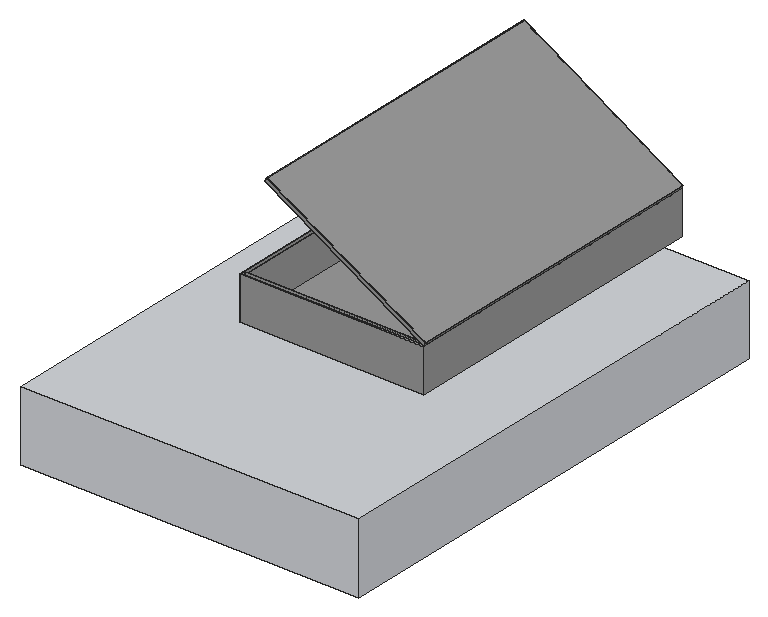
Revit family "Hager-Univers-IP54-D205-H1400-Cl.II-Encl-DE-de", category Equipement électrique, Revit 2020
Family settings
  Hôte = Face
  Configuration du panneau = Deux colonnes, circuits au sein
  Cote de connecteur circulaire = Utiliser le diamètre
  Type d'élément = Tableau de raccordement
  Couper avec des vides une fois chargée = Non
  Partagée = Non
  Point de calcul de pièce = Non
Parameters (values of type "Aufputz IP54 B800 H1400 T205  - FP93SW2")
  Width Control [instance] = if([EF000008 - Breite] > Min Width, [EF000008 - Breite], Min Width)  # 800 mm
  Commentaires du type = [HG000003 - Bereich]  # "Univers"
  Thickness Door [instance] = if([EF009171 - Materialstärke Tür/Deckel] > 3 mm, 3 mm, [EF009171 - Materialstärke Tür/Deckel])  # 1 mm
  Seal Frame Offset [instance] = 17 mm  # constant formula
  Plinth Visibility [instance] = [HG000027 - Sockelhöhe] > 0 mm  # no
  Model = ""
  Min Width [instance] = 100 mm  # constant formula
  Min Height [instance] = 100 mm  # constant formula
  Min Depth [instance] = (2 * [EF009170 - Materialstärke Gehäuse]) + 1 mm  # 3 mm
  Internal Frame Depth [instance] = (Door System Depth * 0.5)  # 9 mm
  Height Control [instance] = if([EF000040 - Höhe] > Min Height, [EF000040 - Höhe], Min Height)  # 1400 mm
  HG000027 - Sockelhöhe = 0 mm
  HG000026 - Stehend auf dem Boden = no
  HG000024 - Höhe des unteren Teils = 800 mm
  HG000023 - Gehäuse mit doppeltem Querschnitt = no
  HG000016 - 3D-Türsichtbarkeit [instance] = yes
  HG000015 - Sichtbarkeit der Türöffnung [instance] = no
  HG000014 - Tür rechts [instance] = yes
  HG000013 - Tür links [instance] = not([HG000014 - Tür rechts])  # no
  HG000012 - Türschwenkwinkel [instance] = 30.00°
  HG000010 - Asymmetrische Türen = no
  HG000009 - Doppelflügeligen Tür = no
  HG000006 - Unterputz = no
  HG000004 - Herstellerreferenz = "FP93SW2"
  HG000003 - Bereich = "Univers"
  HG000002 - Mit tür = yes
  Frame Offset Bottom [instance] = 10 mm  # constant formula
  Frame Offset [instance] = 15 mm  # constant formula
  EF015940 - Deckel mit Überdruckentlastung = no
  EF011959 - Schutzart (NEMA) = ""
  EF009554 - Anzahl der Öffnungen für Flanschplatten = 6
  Fabricant = "Hager"  # constant formula
  EF009212 - Ausführung Deckel = "EV000116 - geschlossen"
  EF009171 - Materialstärke Tür/Deckel = 1 mm
  EF009170 - Materialstärke Gehäuse = 1 mm
  EF008873 - Nennstrom (In) = 250 A
  EF007800 - Geeignet für Blitzschutz = no
  EF006306 - Mit Schloss = no
  EF006244 - Transparenter Deckel/Tür = no
  EF005474 - Schutzart (IP) = "EV006419 - IP54"
  EF004464 - Art der Tür = "EV002646 - Einzel"
  EF004427 - Anzahl der Module = 324
  EF004293 - Schlagfestigkeit = "EV006815 - IK09"
  EF003532 - Geeignet für Außengebrauch = no
  EF002950 - Breite in Teilungseinheiten = 36
  EF001613 - Funktionserhalt = "EV000494 - ohne"
  EF001596 - Werkstoff des Gehäuses = "EV000179 - Stahl"
  EF001131 - Innentiefe = 130 mm
  EF001088 - Anbaumöglichkeit = yes
  EF000437 - Anzahl der Leitungseinführungen = 6
  EF000339 - Art der Abdeckung = "EV004216 - Tür"
  EF000266 - Anzahl der Reihen = 9
  EF000218 - Einbautiefe = 205 mm
  EF000118 - Mit Montageplatte = no
  EF000116 - RAL-Nummer = "9010"
  EF000049 - Tiefe = 205 mm
  EF000040 - Höhe = 1400 mm
  EF000008 - Breite = 800 mm
  EF000007 - Farbe = "EV000202 - weiß"
  EF000003 - Montageart = "EV000384 - Aufputz"
  Door System Leaf Tolerance [instance] = 1.5 mm  # constant formula
  Door System Depth [instance] = 18 mm  # constant formula
  Door Height [instance] = Height Control - [HG000027 - Sockelhöhe]  # 1400 mm
  Depth Control [instance] = if([EF000049 - Tiefe] > Min Depth, [EF000049 - Tiefe], Min Depth)  # 205 mm
  Default Elevation = 0 mm
  Connector Offset [instance] = Height Control / 2  # 700 mm
  Bottom Top Plate Trim [instance] = 1.5 mm  # constant formula
  Plinth height Ctrl [instance] = if([HG000027 - Sockelhöhe] > 0 mm, [HG000027 - Sockelhöhe], 12 mm)  # 12 mm
Types (5, lengths in mm): name | Width Control | HG000010 - Asymmetrische Türen | HG000009 - Doppelflügeligen Tür | HG000004 - Herstellerreferenz | EF009554 - Anzahl der Öffnungen für Flanschplatten | EF004464 - Art der Tür | EF004427 - Anzahl der Module | EF002950 - Breite in Teilungseinheiten | EF000437 - Anzahl der Leitungseinführungen | EF000008 - Breite
  Aufputz IP54 B1050 H1400 T205  - FP94SW2 | 1050 | no | yes | "FP94SW2" | 8 | "EV003602 - Doppel" | 432 | 48 | 8 | 1050
  Aufputz IP54 B1300 H1400 T205  - FP95SW2 | 1300 | yes | yes | "FP95SW2" | 10 | "EV003602 - Doppel" | 540 | 60 | 10 | 1300
  Aufputz IP54 B300 H1400 T205  - FP91SW2 | 300 | no | no | "FP91SW2" | 2 | "EV002646 - Einzel" | 108 | 12 | 2 | 300
  Aufputz IP54 B550 H1400 T205  - FP92SW2 | 550 | no | no | "FP92SW2" | 4 | "EV002646 - Einzel" | 216 | 24 | 4 | 550
  Aufputz IP54 B800 H1400 T205  - FP93SW2 | 800 | no | no | "FP93SW2" | 6 | "EV002646 - Einzel" | 324 | 36 | 6 | 800
Reference planes
  plane 1 "Center (Front/Back)": y = 0
  plane 2: z = 0
  plane 3 "Center (Left/Right)": x = 0
  plane 4: z = 205
  plane 5: y = 1
  plane 6: y = 700
  plane 7: y = 0
  plane 8: y = 1400
  plane 9: z = 0
  plane 10: x = -385
  plane 11: x = 385
  plane 12: x = 384
  plane 13: x = -384
  plane 14: y = 1399
  plane 15: x = -383
  plane 16: x = -400
  plane 17: x = 383
  plane 18: x = 400
  plane 19: x = 399
  plane 20: x = -399
  plane 21: y = 11
  plane 22: y = 1400
  plane 23: y = 1384
  plane 24: z = 187
  plane 25: z = 1
  plane 26: z = 186
  plane 27: z = 204
Forms (mm)
  Extrusion 1, solid
    sketch origin (0, 0, 0) x (1, 0, 0) y (0, 1, 0)
      loop
        line (-702.964, 1305) -> (-702.964, -811.445) -> (766.763, -811.445) -> (766.763, 1305) -> (-702.964, 1305)
    from 0 to -304.8
  Extrusion 2, solid, material "Hager_Steel_RAL7035_Light_Grey", visible <- "Plinth Visibility", detail levels medium+fine
    sketch origin (0, 0, 0) x (1, 0, 0) y (0, 1, 0)
      loop
        line (-400, 0) -> (400, 0) -> (400, 12) -> (-400, 12) -> (-400, 0)
    from 0 to 187
  Extrusion 3, solid, material "Hager_Steel_RAL7035_Light_Grey", detail levels medium+fine
    sketch origin (0, 0, 0) x (1, 0, 0) y (0, 1, 0)
      loop
        line (-400, 0) -> (400, 0) -> (400, 1400) -> (-400, 1400) -> (-400, 0)
    from 0 to 187
  Extrusion 4, void
    sketch origin (0, 0, 0) x (1, 0, 0) y (0, 1, 0)
      loop
        line (-399, 1) -> (399, 1) -> (399, 1399) -> (-399, 1399) -> (-399, 1)
    from 1 to 186
  Extrusion 5, void
    sketch origin (-381.607, -4572, 187) x (0, -1, 0) y (-1, 0, 0)
      loop
        line (-4583, 2.393) -> (-5956, 2.393) -> (-5956, -765.607) -> (-4583, -765.607) -> (-4583, 2.393)
    from 0 to 1 <- "EF009170 - Materialstärke Gehäuse"
  Extrusion 6, solid, material "Hager_Steel_RAL7035_Light_Grey", detail levels fine
    sketch origin (0, 0, 187) x (1, 0, 0) y (0, 1, 0)
      loop
        line (-384, 1384) -> (-384, 11) -> (384, 11) -> (384, 1384) -> (-384, 1384)
      loop
        line (-385, 10) -> (385, 10) -> (385, 1385) -> (-385, 1385) -> (-385, 10)
    from 0 to 9 <- "Internal Frame Depth"
  Extrusion 7, solid, material "Hager_Steel_RAL7035_Light_Grey", detail levels coarse
    sketch origin (0, 0, 0) x (1, 0, 0) y (0, 1, 0)
      loop
        line (-400, 0) -> (400, 0) -> (400, 1400) -> (-400, 1400) -> (-400, 0)
    from 0 to 205
  Sweep 8, void
    path in 3D
      loop
        line (-400, 12, 0) -> (400, 12, 0) -> (400, 12, 187) -> (-400, 12, 187) -> (-400, 12, 0)
    profile origin (-400, 12, 93.5) x (-1, 0, 0) y (0, -1, 0)
      loop
        line (0, 0) -> (0, 1.5) -> (-1.5, 1.5)
        arc (-1.5, 1.5) -> (-1.061, 0.439) -> (0, 0) r 1.5
Cuts and joins
  Extrusion 4, Extrusion 5 cuts Extrusion 3
  Sweep 8 cuts Extrusion 2
Lines and regions (mm)
  Masking region 1
    outline origin (0, 0, 0) x (1, 0, 0) y (0, 0, 1)
      loop
        line (-400, 205) -> (-400, 0) -> (400, 0) -> (400, 205) -> (-400, 205)
  Masking region 2, detail levels medium+fine
    outline origin (0, 140, 0) x (0, 1, 0) y (0, 0, 1)
      loop
        line (-140, 0) -> (1260, 0) -> (1260, 187) -> (-140, 187) -> (-140, 0)
  Masking region 3, not visible, detail levels medium+fine
    outline origin (0, 297.922, 0) x (0, 1, 0) y (0, 0, 1)
      loop
        line (413.578, 0) -> (453.578, 0) -> (453.578, 194)
        arc (453.578, 194) -> (450.649, 201.071) -> (443.578, 204) r 10
        line (443.578, 204) -> (413.578, 204) -> (413.578, 0)
  Masking region 4, detail levels coarse
    outline origin (0, 0, 180) x (0, 1, 0) y (0, 0, 1)
      loop
        line (0, -180) -> (1400, -180) -> (1400, 25) -> (0, 25) -> (0, -180)
  Masking region 5, visible <- "Plinth Visibility", detail levels medium+fine
    outline origin (0, 52.24, 12.345) x (0, 0, -1) y (0, 1, 0)
      loop
        line (10.845, -40.24) -> (-173.155, -40.24)
        arc (-173.155, -40.24) -> (-173.594, -41.301) -> (-174.655, -41.74) r 1.5
        line (-174.655, -41.74) -> (-174.655, -52.24) -> (12.345, -52.24) -> (12.345, -41.74)
        arc (12.345, -41.74) -> (11.285, -41.301) -> (10.845, -40.24) r 1.5
  Masking region 6, detail levels medium+fine
    outline origin (-381.607, -4572, 187) x (-1, 0, 0) y (0, -1, 0)
      loop
        line (18.393, -5972) -> (18.393, -4572) -> (-781.607, -4572) -> (-781.607, -5972) -> (18.393, -5972)
  Masking region 7, visible <- "Plinth Visibility", detail levels medium+fine
    outline origin (-381.607, -4727, 187) x (-1, 0, 0) y (0, -1, 0)
      loop
        arc (16.893, -4739) -> (17.332, -4737.939) -> (18.393, -4737.5) r 1.5
        line (18.393, -4737.5) -> (18.393, -4727) -> (-781.607, -4727) -> (-781.607, -4737.5)
        arc (-781.607, -4737.5) -> (-780.546, -4737.939) -> (-780.107, -4739) r 1.5
        line (-780.107, -4739) -> (16.893, -4739)
  Masking region 8, detail levels coarse
    outline origin (-442.548, -4669.526, 187) x (-1, 0, 0) y (0, -1, 0)
      loop
        line (-42.548, -6069.526) -> (-42.548, -4669.526) -> (-842.548, -4669.526) -> (-842.548, -6069.526) -> (-42.548, -6069.526)
  sketch lines
    curve 1: line (-400, 12, 187) -> (-400, 12, 0)
    curve 2: line (400, 12, 187) -> (-400, 12, 187)
    curve 3: line (400, 12, 187) -> (400, 12, 0)
    curve 4: line (-400, 12, 0) -> (400, 12, 0)
Dimensions and locks
  "Depth Control": plane 4 to Extrusion 1
  "HG000027 - Sockelhöhe": plane 1 "Center (Front/Back)" to plane 7
  "EF009170 - Materialstärke Gehäuse": plane 5 to plane 7
  locked: connector elem to plane 3 "Center (Left/Right)"
  equal spacing: plane 8, plane 6, plane 7
  locked: connector elem to plane 6
  "EF009170 - Materialstärke Gehäuse": plane 8 to plane 14
  "EF009170 - Materialstärke Gehäuse": plane 10 to plane 13
  "EF009170 - Materialstärke Gehäuse": plane 12 to plane 11
  "Frame Offset": plane 20 to plane 13
  "Frame Offset": plane 12 to plane 19
  "EF009170 - Materialstärke Gehäuse": plane 16 to plane 20
  "EF009170 - Materialstärke Gehäuse": plane 19 to plane 18
  "Seal Frame Offset": plane 16 to plane 15
  "Seal Frame Offset": plane 17 to plane 18
  "Frame Offset Bottom": plane 21 to plane 5
  "Frame Offset": plane 14 to plane 23
  equal spacing: plane 16, plane 3 "Center (Left/Right)", plane 18
  "Width Control": plane 16 to plane 18
  "EF009170 - Materialstärke Gehäuse": plane 4 to plane 27
  "EF009170 - Materialstärke Gehäuse": plane 24 to plane 26
  "EF009170 - Materialstärke Gehäuse": plane 25 to level
  "Door System Depth": plane 4 to plane 24
  "Height Control": plane 1 "Center (Front/Back)" to Extrusion 7 sketch curve
  "Height Control": Masking region 4 sketch curve to plane 1 "Center (Front/Back)"
  "Height Control": plane 1 "Center (Front/Back)" to plane 22
  "Bottom Top Plate Trim": profile plane to Sweep 8 sketch curve
  "Bottom Top Plate Trim": Sweep 8 sketch curve to profile plane
  "Plinth height Ctrl": plane 1 "Center (Front/Back)" to Extrusion 2 sketch curve
  "Plinth height Ctrl": Masking region 5 sketch curve to plane 1 "Center (Front/Back)"
  "Plinth height Ctrl": plane 1 "Center (Front/Back)" to Masking region 7 sketch curve
  "Thickness Door": Extrusion 6 sketch curve to Extrusion 6 sketch curve  (x3)
  "Thickness Door": cut or joined group of Extrusion 3, Extrusion 4, Extrusion 5 to Extrusion 6 sketch curve
  radius of Masking region 3 sketch curve = 10 mm
  "Bottom Top Plate Trim": radius of Masking region 5 sketch curve  (x2)
  "Bottom Top Plate Trim": radius of Sweep 8 sketch curve
  "Bottom Top Plate Trim": radius of Masking region 7 sketch curve  (x2)
  aligned and locked: plane 2 to Extrusion 1
  aligned and locked: level to Extrusion 1
  aligned and locked: level to Masking region 1 sketch curve
  aligned and locked: Masking region 1 sketch curve to plane 18
  aligned and locked: Masking region 1 sketch curve to plane 16
  aligned and locked: plane 7 to Masking region 2 sketch curve
  aligned and locked: level to Masking region 3 sketch curve
  aligned and locked: Masking region 3 sketch curve to plane 27
  aligned and locked: level to Masking region 2 sketch curve
  aligned and locked: plane 1 "Center (Front/Back)" to Extrusion 2 sketch curve
  aligned and locked: Extrusion 3 sketch curve to plane 7
  aligned and locked: plane 16 to Extrusion 3 sketch curve
  aligned and locked: plane 18 to Extrusion 3 sketch curve
  aligned and locked: plane 20 to Extrusion 4 sketch curve
  aligned and locked: plane 19 to Extrusion 4 sketch curve
  aligned and locked: Extrusion 4 sketch curve to plane 5
  aligned and locked: Extrusion 4 to plane 25
  aligned and locked: plane 26 to Extrusion 4
  aligned and locked: plane 24 to Extrusion 3
  aligned and locked: Extrusion 5 sketch curve to plane 21
  aligned and locked: Extrusion 5 sketch curve to plane 13
  aligned and locked: Extrusion 5 sketch curve to plane 12
  aligned and locked: plane 18 to Extrusion 7 sketch curve
  aligned and locked: plane 1 "Center (Front/Back)" to Extrusion 7 sketch curve
  aligned and locked: plane 16 to Extrusion 7 sketch curve
  aligned and locked: plane 4 to Extrusion 7
  aligned and locked: Extrusion 7 to level
  aligned and locked: level to Masking region 4 sketch curve
  aligned and locked: Masking region 4 sketch curve to plane 1 "Center (Front/Back)"
  aligned and locked: Masking region 4 sketch curve to plane 4
  aligned and locked: nested 1 to level
  aligned and locked: nested 1 to plane 16
  aligned and locked: plane 8 to Extrusion 3 sketch curve
  aligned and locked: plane 23 to Extrusion 5 sketch curve
  aligned and locked: plane 14 to Extrusion 4 sketch curve
  aligned and locked: Masking region 2 sketch curve to plane 8
  aligned and locked: level to Masking region 5 sketch curve
  aligned and locked: plane 16 to Extrusion 2 sketch curve
  aligned and locked: plane 18 to Extrusion 2 sketch curve
  aligned and locked: Masking region 5 sketch curve to plane 24
  aligned and locked: Masking region 2 sketch curve to plane 24
  aligned and locked: plane 24 to Extrusion 2
  aligned and locked: profile plane to Sweep 8 sketch curve  (x2)
  aligned and locked: Masking region 6 sketch curve to plane 18
  aligned and locked: Masking region 6 sketch curve to plane 22
  aligned and locked: Masking region 6 sketch curve to plane 16
  aligned and locked: plane 8 to plane 22
  aligned and locked: Masking region 6 sketch curve to plane 7
  aligned and locked: Masking region 7 sketch curve to plane 16
  aligned and locked: Masking region 7 sketch curve to plane 1 "Center (Front/Back)"
  aligned and locked: Masking region 7 sketch curve to plane 18
  aligned and locked: Masking region 8 sketch curve to plane 1 "Center (Front/Back)"
  aligned and locked: Masking region 8 sketch curve to plane 18
  aligned and locked: Masking region 8 sketch curve to plane 22
  aligned and locked: Masking region 8 sketch curve to plane 16
  aligned and locked: nested 2 to plane 7
  aligned and locked: plane 3 "Center (Left/Right)" to nested 2
  aligned and locked: nested 2 to plane 24
  aligned and locked: Extrusion 6 sketch curve to cut or joined group of Extrusion 3, Extrusion 4, Extrusion 5  (x4)
Automatic sketch dimensions
  Extrusion 1 sketch curve to Extrusion 1 sketch curve = 1469.727 mm
  Extrusion 1 sketch curve to Extrusion 1 sketch curve = 2116.445 mm
  Masking region 1 sketch curve to plane 4 = 0 mm
  plane 6 to Masking region 3 sketch curve = 11.5 mm
  Masking region 3 sketch curve to Masking region 3 sketch curve = 30 mm
  Masking region 5 sketch curve to plane 1 "Center (Front/Back)" = 0 mm
Nested families
  nested 1: "Hager_Enclosure_Symbol" at (-400, 0, 0) x (1, 0, 0) z (0, -1, 0), Height <- "Depth Control", Width <- "Width Control", type "Hager_Enclosure_Symbol"
    with Width_Ctrl 800 mm, Width 800 mm, Height_Ctrl 205 mm, Height 205 mm, A_Width_Int 13.453 mm, A_Width 161.438 mm, A_Height_Ctrl 179.375 mm, A_Height 179.375 mm
  nested 2: "EC000058_Univers_Door" at (0, 0, 187) x (1, 0, 0) z (0, 1, 0), Leaf_Tolerance <- "Door System Leaf Tolerance", Angle <- "HG000012 - Türschwenkwinkel", Door_Depth <- "Door System Depth", Door_Left <- "HG000013 - Tür links", Transparent <- "EF006244 - Transparenter Deckel/Tür", Assymetrical <- "HG000010 - Asymmetrische Türen", Width <- "Width Control", Clearance <- "HG000015 - Sichtbarkeit der Türöffnung", Double <- "HG000009 - Doppelflügeligen Tür", 3d_Door <- "HG000016 - 3D-Türsichtbarkeit", Lock_Visibility <- "EF006306 - Mit Schloss", Width_Ctrl <- "Width Control", Door_Right <- "HG000014 - Tür rechts", Door <- "HG000002 - Mit tür", Height <- "Door Height", Thickness <- "Thickness Door", type "EC000058_Univers_Door", detail levels medium+fine
    with min_wh 3 mm, Width_Ctrl 800 mm, Width 800 mm, Transparent no, Thickness 1 mm, Seal_Material Hager_Rubber, Lock_Visibility no, Lock_Material Hager_Plastic_RAL9005_Jet_Black, Leaf_Width 800 mm, Leaf_Tolerance_External_Sides 0 mm, Leaf_Tolerance 1.5 mm, Leaf_Offset 0 mm, Leaf_Height 1397 mm, Leaf_2_Width 800 mm, Leaf_2_Offset 400 mm, Leaf_1_Width 800 mm, Leaf_1_Offset 400 mm, Height_Ctrl 1400 mm, Height 1400 mm, Glass_Material Hager_Glass, Double_Clearance_Ctrl no, Double no, Door_Right_Ctrl yes, Door_Right yes, Door_Material Hager_Steel_RAL7035_Light_Grey, Door_Left_Ctrl no, Door_Left no, Door_Depth 18 mm, Door yes, Clearance_Material Hager_Clearance, Clearance_Depth 800 mm, Clearance_Ctrl no, Clearance no, Assymetrical no, Angle 30.00°, 3d_Door yes
Connectors
  electrical at (0, 700, 0)
    settings: on plane 9, index 1, voltage 0 V, apparent load 0 VA, apparent load phase1 0 VA, apparent load phase2 0 VA, apparent load phase3 0 VA, power factor 1, load classification "Other", number of poles 1, system type 30, power factor state 1, is connector primary yes, connector utility no, sub classification motor no, connector description ""
Definition of nested family "EC000058_Univers_Door"
  Parameters (values of type "EC000058_Univers_Door")
    min_wh [instance] = (2 * Thickness) + 1 mm  # 11 mm
    Width_Ctrl [instance] = 400 mm
    Width [instance] = 500 mm
    Transparent [instance] = yes
    Thickness [instance] = 5 mm
    Seal_Material [instance] = none
    Lock_Visibility [instance] = yes
    Lock_Material [instance] = none
    Leaf_Width [instance] = if((Width_Ctrl - 2 * Leaf_Tolerance_External_Sides) > 0 mm, (Width_Ctrl - 2 * Leaf_Tolerance_External_Sides), min_wh)  # 400 mm
    Leaf_Tolerance_External_Sides [instance] = 0 mm  # constant formula
    Leaf_Tolerance [instance] = 1.5 mm
    Leaf_Offset [instance] = 0 mm  # constant formula
    Leaf_Height [instance] = if((Height_Ctrl - 2 * Leaf_Tolerance) > 0 mm, (Height_Ctrl - 2 * Leaf_Tolerance), min_wh)  # 497 mm
    Leaf_2_Width [instance] = if(and(and(Double, Assymetrical), Door_Left), (Leaf_Width / 3) - (Leaf_Tolerance / 2), if(and(and(Double, Assymetrical), Door_Right), (Leaf_Width / 3) * 2 - (Leaf_Tolerance / 2), if(and(Double, not(Assymetrical)), (Leaf_Width / 2) - Leaf_Tolerance, Leaf_Width)))  # 400 mm
    Leaf_2_Offset [instance] = if(and(Double, Assymetrical), Leaf_2_Width / 2, if(and(Double, not(Assymetrical)), Leaf_Width / 4, Leaf_Width / 2))  # 200 mm
    Leaf_1_Width [instance] = if(and(and(Double, Assymetrical), Door_Right), (Leaf_Width / 3) - (Leaf_Tolerance / 2), if(and(and(Double, Assymetrical), Door_Left), (Width / 3) * 2 - (Leaf_Tolerance / 2), if(and(Double, not(Assymetrical)), (Leaf_Width / 2) - Leaf_Tolerance, Leaf_Width)))  # 400 mm
    Leaf_1_Offset [instance] = if(and(Double, Assymetrical), Leaf_1_Width / 2, if(and(Double, not(Assymetrical)), Leaf_Width / 4, Leaf_Width / 2))  # 200 mm
    Height_Ctrl [instance] = if(Height > min_wh, Height, min_wh)  # 500 mm
    Height [instance] = 500 mm
    Glass_Material [instance] = none
    Double_Clearance_Ctrl [instance] = and(Double, Clearance)  # no
    Double [instance] = no
    Door_Right_Ctrl [instance] = and(or(Door_Right, Double), Door)  # yes
    Door_Right [instance] = yes
    Door_Material [instance] = none
    Door_Left_Ctrl [instance] = and(or(Door_Left, Double), Door)  # no
    Door_Left [instance] = no
    Door_Depth [instance] = 30 mm
    Door [instance] = yes
    Default Elevation = 1219.2 mm
    Clearance_Material [instance] = none
    Clearance_Depth [instance] = if(Leaf_1_Width > Leaf_2_Width, Leaf_1_Width, Leaf_2_Width)  # 400 mm
    Clearance_Ctrl [instance] = and(not(Double), Clearance)  # yes
    Clearance [instance] = yes
    Assymetrical [instance] = yes
    Angle [instance] = 30.00°
    3d_Door [instance] = yes
  Reference planes
    plane 1 "Center (Front/Back)": y = 0
    plane 2 "Bottom": z = 0
    plane 3 "Center (Left/Right)": x = 0
    plane 4: z = 500
    plane 5: x = -200
    plane 6: x = 200
    plane 7: z = 500
    plane 8: x = -200
    plane 9: z = 0
    plane 10: x = 200
    plane 11: y = 0
    plane 12: z = 1.5
    plane 13: x = -600
    plane 14: y = -400
    plane 15: x = 600
    plane 16: x = 0
    plane 17: x = 0
    plane 18: x = -200
    plane 19: x = 200
    plane 20: z = 498.5
  Forms (mm)
    Extrusion 1, solid, material <- "Clearance_Material", visible <- "Double_Clearance_Ctrl"
      sketch origin (1200, 0, 0) x (1, 0, 0) y (0, 0, -1)
        loop
          line (-1800, -498.5) -> (-600, -498.5) -> (-600, 0) -> (-1800, 0) -> (-1800, -498.5)
      from 0 to -400
  Dimensions and locks
    equal spacing: plane 5, plane 3 "Center (Left/Right)", plane 6
    "Width_Ctrl": plane 5 to plane 6
    "Leaf_Offset": plane 5 to plane 8
    "Leaf_Offset": plane 6 to plane 10
    "Leaf_Offset": plane 9 to level
    "Leaf_Offset": plane 4 to plane 7
    "Height_Ctrl": plane 4 to level
    "Leaf_Tolerance": plane 12 to plane 9
    locked: plane 11 to plane 1 "Center (Front/Back)"
    "Leaf_1_Offset": plane 18 to plane 16
    "Leaf_2_Offset": plane 17 to plane 19
    "Leaf_1_Width": plane 13 to plane 8
    "Leaf_2_Width": plane 10 to plane 15
    "Clearance_Depth": plane 14 to plane 1 "Center (Front/Back)"
    "Leaf_Tolerance_External_Sides": plane 8 to plane 18
    "Leaf_Tolerance_External_Sides": plane 19 to plane 10
    "Leaf_Tolerance": plane 7 to plane 20
    aligned and locked: level to plane 2 "Bottom"
    aligned and locked: nested 1 to plane 16
    aligned and locked: nested 2 to plane 17
    aligned and locked: Extrusion 1 to plane 13
    aligned and locked: plane 15 to Extrusion 1
    aligned and locked: Extrusion 1 to plane 14
    aligned and locked: plane 12 to nested 1
    aligned and locked: nested 2 to plane 12
    aligned and locked: Extrusion 1 to plane 11
    aligned and locked: plane 20 to Extrusion 1
    aligned and locked: nested 2 to plane 11
    aligned and locked: nested 1 to plane 11
  Automatic sketch dimensions
    Extrusion 1 sketch curve to level = 0 mm
    plane 5 to Extrusion 1 sketch curve = 400 mm
    plane 6 to Extrusion 1 sketch curve = 400 mm
    Extrusion 1 sketch curve to plane 4 = 1.5 mm
  Nested families
    nested 1: "EC000058_Univers_Door_Leaf" at (0, 0, 1.5), Width <- "Leaf_1_Width", visible <- "Door_Left_Ctrl", Leaf_Height <- "Leaf_Height", Angle <- "Angle", 3d_Door <- "3d_Door", Transparent <- "Transparent", Clearance Material <- "Clearance_Material", Clearance <- "Clearance_Ctrl", Door_Material <- "Door_Material", Glass_Material <- "Glass_Material", Door_Depth <- "Door_Depth", Lock_Material <- "Lock_Material", Seal_Material <- "Seal_Material", Lock_Visibility <- "Lock_Visibility", Thickness <- "Thickness", type "EC000058_Univers_Door_Leaf"
      with Width 400 mm, Transparent_Glass_Offset 30 mm, Transparent_Ctrl yes, Transparent yes, Thickness 5 mm, Standard no, Seal_Material none, Seal_D2 8 mm, Seal_D1 1 mm, Offset_Internal_Frame 10 mm, Lock_Width 20 mm, Lock_Visibility_3d yes, Lock_Visibility yes, Lock_Thickness_3 3 mm, Lock_Thickness_2 1 mm, Lock_Thickness_1 3 mm, Lock_Radius_Offset_2 16 mm, Lock_Radius_Offset_1 15 mm, Lock_Radius_2 5 mm, Lock_Radius 6 mm, Lock_Offset 5 mm, Lock_Material none, Lock_Height 80 mm, Lock_Cover_Top_Offset_2d 17 mm, Lock_Cover_Height -65 mm, Leaf_Height 497 mm, Internal_Seal_Thickness 8 mm, Internal_Seal_Depth_2 4.5 mm, Internal_Frame_Depth 25 mm, Glass_Thickness -1 mm, Glass_Offset -2 mm, Glass_Material none, Door_Material none, Door_Depth 30 mm, Clearance Material none, Clearance yes, Angle_Ctrl 30.00°, Angle 30.00°, 3d_Door yes
    nested 2: "EC000058_Univers_Door_Leaf" at (0, 0, 1.5) x (-1, 0, 0) z (0, 0, 1), Width <- "Leaf_2_Width", visible <- "Door_Right_Ctrl", Leaf_Height <- "Leaf_Height", Angle <- "Angle", 3d_Door <- "3d_Door", Transparent <- "Transparent", Clearance Material <- "Clearance_Material", Clearance <- "Clearance_Ctrl", Door_Material <- "Door_Material", Glass_Material <- "Glass_Material", Door_Depth <- "Door_Depth", Lock_Material <- "Lock_Material", Seal_Material <- "Seal_Material", Lock_Visibility <- "Lock_Visibility", Thickness <- "Thickness", type "EC000058_Univers_Door_Leaf"
      with Width 400 mm, Transparent_Glass_Offset 30 mm, Transparent_Ctrl yes, Transparent yes, Thickness 5 mm, Standard no, Seal_Material none, Seal_D2 8 mm, Seal_D1 1 mm, Offset_Internal_Frame 10 mm, Lock_Width 20 mm, Lock_Visibility_3d yes, Lock_Visibility yes, Lock_Thickness_3 3 mm, Lock_Thickness_2 1 mm, Lock_Thickness_1 3 mm, Lock_Radius_Offset_2 16 mm, Lock_Radius_Offset_1 15 mm, Lock_Radius_2 5 mm, Lock_Radius 6 mm, Lock_Offset 5 mm, Lock_Material none, Lock_Height 80 mm, Lock_Cover_Top_Offset_2d 17 mm, Lock_Cover_Height -65 mm, Leaf_Height 497 mm, Internal_Seal_Thickness 8 mm, Internal_Seal_Depth_2 4.5 mm, Internal_Frame_Depth 25 mm, Glass_Thickness -1 mm, Glass_Offset -2 mm, Glass_Material none, Door_Material none, Door_Depth 30 mm, Clearance Material none, Clearance yes, Angle_Ctrl 30.00°, Angle 30.00°, 3d_Door yes
  Definition of nested family "EC000058_Univers_Door_Leaf"
    Parameters (values of type "EC000058_Univers_Door_Leaf")
      Width [instance] = 2000 mm
      Transparent_Glass_Offset [instance] = 30 mm
      Transparent_Ctrl [instance] = and(Transparent, [3d_Door])  # yes
      Transparent [instance] = yes
      Thickness [instance] = 5 mm
      Standard [instance] = and(not(Transparent), [3d_Door])  # no
      Seal_Material [instance] = none
      Seal_D2 [instance] = 8 mm  # constant formula
      Seal_D1 [instance] = 1 mm  # constant formula
      Offset_Internal_Frame [instance] = 10 mm  # constant formula
      Lock_Width [instance] = 20 mm  # constant formula
      Lock_Visibility_3d [instance] = and(Lock_Visibility, [3d_Door])  # yes
      Lock_Visibility [instance] = yes
      Lock_Thickness_3 [instance] = 3 mm  # constant formula
      Lock_Thickness_2 [instance] = 1 mm  # constant formula
      Lock_Thickness_1 [instance] = 3 mm  # constant formula
      Lock_Radius_Offset_2 [instance] = Lock_Radius_Offset_1 + 1 mm  # 16 mm
      Lock_Radius_Offset_1 [instance] = 15 mm  # constant formula
      Lock_Radius_2 [instance] = Lock_Radius - 1 mm  # 5 mm
      Lock_Radius [instance] = 6 mm  # constant formula
      Lock_Offset [instance] = 5 mm  # constant formula
      Lock_Material [instance] = none
      Lock_Height [instance] = 80 mm  # constant formula
      Lock_Cover_Top_Offset_2d [instance] = Lock_Radius_Offset_2 + 1 mm  # 17 mm
      Lock_Cover_Height [instance] = -(Lock_Height - Lock_Radius_Offset_1)  # -65 mm
      Leaf_Height [instance] = 2720.336 mm
      Internal_Seal_Thickness [instance] = 8 mm  # constant formula
      Internal_Seal_Depth_2 [instance] = 4.5 mm  # constant formula
      Internal_Frame_Depth [instance] = if(Door_Depth - Thickness > 5 mm, Door_Depth - Thickness, 5 mm)  # 25 mm
      Glass_Thickness [instance] = if(Thickness > 15 mm, Glass_Offset + 10 mm, -1 mm)  # -1 mm
      Glass_Offset [instance] = if(Thickness > 15 mm, -(Thickness + 10 mm) / 2, -2 mm)  # -2 mm
      Glass_Material [instance] = none
      Door_Material [instance] = none
      Door_Depth [instance] = 30 mm
      Default Elevation = 0 mm
      Clearance Material [instance] = none
      Clearance [instance] = yes
      Angle_Ctrl [instance] = if(Angle > 180.00°, 180.00°, Angle)  # 90.00°
      Angle [instance] = 90.00°
      3d_Door [instance] = yes
    Reference planes
      plane 1 "Center (Front/Back)": y = 0
      plane 2: z = 0
      plane 3 "Center (Left/Right)": x = 0
      plane 4: y = 2000
      plane 5: x = -1000
      plane 6: x = 1000
      plane 7: x = -3000
      plane 8: z = 2720.336
      plane 9: z = 30
      plane 10: z = 2690.336
      plane 11: x = 970
      plane 12: x = -970
      plane 13: y = -3
      plane 14: z = 107.833
      plane 15: y = -5
      plane 16: y = -223.314
      plane 17: x = -1000
      plane 18: z = 1360.168
      plane 19: y = 30
    Forms (mm)
      Extrusion 1, solid, material <- "Clearance Material", visible <- "Clearance"
        sketch origin (0, 0, 0) x (1, 0, 0) y (0, 0, 1)
          loop
            line (-3000, 2720.336) -> (-3000, 0) -> (1000, 0) -> (1000, 2720.336) -> (-3000, 2720.336)
        from 0 to -2000
      Extrusion 2, solid, material <- "Door_Material", visible <- "Standard", detail levels medium+fine
        sketch origin (-1000, 0, 0) x (0, 1, 0) y (-1, 0, 0)
          loop
            line (0, 30) -> (0, 25) -> (2000, 25) -> (2000, 30) -> (0, 30)
        from 0 to 2720.336 <- "Leaf_Height"
      Extrusion 3, solid, material <- "Door_Material", visible <- "Transparent_Ctrl", detail levels medium+fine
        sketch origin (-1000, 0, 0) x (0, 1, 0) y (-1, 0, 0)
          loop
            line (0, 25) -> (2000, 25) -> (2000, 30) -> (0, 30) -> (0, 25)
        from 0 to 2720.336 <- "Leaf_Height"
      Extrusion 4, void
        sketch origin (-1025, 2000, 0) x (0, 1, 0) y (0, 0, -1)
          loop
            line (-30, -2690.336) -> (-30, -30) -> (-1970, -30) -> (-1970, -2690.336) -> (-30, -2690.336)
        from 0 to 5 <- "Thickness"
      Sweep 5, solid, material <- "Seal_Material", visible <- "Transparent_Ctrl", detail levels fine
        path in 3D
          loop
            line (-1025, 30, 30) -> (-1025, 30, 2690.336) -> (-1025, 1970, 2690.336) -> (-1025, 1970, 30) -> (-1025, 30, 30)
        profile origin (-1025, 1000, 30) x (1, 0, 0) y (0, 0, 1)
          loop
            line (0, 0) -> (0, -8) -> (1, -8) -> (1, 0) -> (0, 0)
      Extrusion 6, solid, material <- "Glass_Material", visible <- "Transparent_Ctrl", detail levels medium+fine
        sketch origin (-1030, 0, 0) x (0, 1, 0) y (0, 0, -1)
          loop
            line (1970, -2690.336) -> (1970, -30) -> (30, -30) -> (30, -2690.336) -> (1970, -2690.336)
        from -2 <- "Glass_Offset" to -1 <- "Glass_Thickness"
      Extrusion 7, solid, material <- "Door_Material", visible <- "3d_Door", detail levels medium+fine
        sketch origin (-1025, 2000, 0) x (0, -1, 0) y (0, 0, -1)
          loop
            line (0, -2720.336) -> (2000, -2720.336) -> (2000, 0) -> (0, 0) -> (0, -2720.336)
          loop
            line (1995, -5) -> (5, -5) -> (5, -2715.336) -> (1995, -2715.336) -> (1995, -5)
        from 0 to 25 <- "Internal_Frame_Depth"
      Sweep 8, solid, material <- "Seal_Material", visible <- "Transparent_Ctrl", detail levels fine
        path in 3D
          loop
            line (-1025, 0, 0) -> (-1025, 2000, 0) -> (-1025, 2000, 2720.336) -> (-1025, 0, 2720.336) -> (-1025, 0, 0)
        profile origin (-1025, 0, 1360.168) x (1, 0, 0) y (0, 1, 0)
          loop
            line (0, 10) -> (2.975, 10)
            arc (2.975, 10) -> (4.053, 10.447) -> (4.5, 11.525) r 1.525
            line (4.5, 11.525) -> (4.5, 16.527)
            arc (4.5, 16.527) -> (4.069, 17.569) -> (3.027, 18) r 1.473
            line (3.027, 18) -> (0, 18) -> (0, 10)
      Extrusion 9, solid, material <- "Lock_Material", visible <- "Lock_Visibility_3d", detail levels fine
        sketch origin (-1030, 0, 0) x (0, 1, 0) y (0, 0, -1)
          loop
            arc (1993.5, -1400.168) -> (1994.561, -1399.729) -> (1995, -1398.668) r 1.5
            line (1995, -1398.668) -> (1995, -1320.168) -> (1975, -1320.168) -> (1975, -1398.668)
            arc (1975, -1398.668) -> (1975.439, -1399.729) -> (1976.5, -1400.168) r 1.5
            line (1976.5, -1400.168) -> (1993.5, -1400.168)
        from 3 <- "Lock_Thickness_1" to 0
      Blend 10, solid, material <- "Lock_Material", visible <- "Lock_Visibility_3d", detail levels fine
        base sketch origin (-1033, 0, 0) x (0, 1, 0) y (0, 0, -1)
          loop
            line (1975, -1320.168) -> (1975, -1398.668)
            arc (1975, -1398.668) -> (1975.439, -1399.729) -> (1976.5, -1400.168) r 1.5
            line (1976.5, -1400.168) -> (1993.5, -1400.168)
            arc (1993.5, -1400.168) -> (1994.561, -1399.729) -> (1995, -1398.668) r 1.5
            line (1995, -1398.668) -> (1995, -1320.168) -> (1975, -1320.168)
        top sketch origin (-1033, 0, 0) x (0, 1, 0) y (0, 0, -1)
          loop
            line (1976, -1320.168) -> (1976, -1398.668)
            arc (1976, -1398.668) -> (1976.146, -1399.022) -> (1976.5, -1399.168) r 0.5
            line (1976.5, -1399.168) -> (1993.5, -1399.168)
            arc (1993.5, -1399.168) -> (1993.854, -1399.022) -> (1994, -1398.668) r 0.5
            line (1994, -1398.668) -> (1994, -1320.168) -> (1976, -1320.168)
        from 0 to 1 <- "Lock_Thickness_2"
      Blend 11, solid, material <- "Lock_Material", visible <- "Lock_Visibility_3d", detail levels fine
        base sketch origin (-1034, 0, 0) x (0, 1, 0) y (0, 0, -1)
          loop
            line (1978, -1320.168) -> (1978, -1384.168)
            arc (1978, -1384.168) -> (1985, -1391.168) -> (1992, -1384.168) r 7
            line (1992, -1384.168) -> (1992, -1320.168) -> (1978, -1320.168)
        top sketch origin (-1034, 0, 0) x (0, 1, 0) y (0, 0, -1)
          loop
            line (1991, -1320.168) -> (1979, -1320.168) -> (1979, -1383.168)
            arc (1979, -1383.168) -> (1985, -1389.168) -> (1991, -1383.168) r 6
            line (1991, -1383.168) -> (1991, -1320.168)
        from 0 to 3 <- "Lock_Thickness_3"
      Extrusion 12, solid, material <- "Lock_Material", visible <- "Lock_Visibility_3d", detail levels fine
        sketch origin (-1030, 1975, 1320.168) x (1, 0, 0) y (0, -1, 0)
          loop
            line (-7, -19) -> (-7, -1) -> (0, -1) -> (0, 0) -> (-8, 0) -> (-8, -20) -> (0, -20) -> (0, -19) -> (-7, -19)
        from 0 to -65 <- "Lock_Cover_Height"
      Extrusion 13, void
        sketch origin (-1038, 1995, 1320.168) x (-1, 0, 0) y (0, 0, -1)
          loop
            line (-5, -65) -> (0, -65) -> (-5, -60) -> (-5, -65)
        from 0 to 20 <- "Lock_Width"
      Extrusion 14, void
        sketch origin (-1038, 1975, 1320.168) x (0, -1, 0) y (0, 0, -1)
          loop
            circle (-10, -15.995) r 6
          loop
            circle (-10, -15.995) r 5
        from 0 to 2
      Extrusion 15, solid, material <- "Lock_Material", visible <- "Lock_Visibility_3d", detail levels medium
        sketch origin (-1030, 0, 0) x (0, 1, 0) y (0, 0, -1)
          loop
            arc (1993.5, -1400.168) -> (1994.561, -1399.729) -> (1995, -1398.668) r 1.5
            line (1995, -1398.668) -> (1995, -1320.168) -> (1975, -1320.168) -> (1975, -1398.668)
            arc (1975, -1398.668) -> (1975.439, -1399.729) -> (1976.5, -1400.168) r 1.5
            line (1976.5, -1400.168) -> (1993.5, -1400.168)
        from 8 to 0
    Cuts and joins
      Extrusion 4 cuts Extrusion 3
      Extrusion 13, Extrusion 14 cuts Extrusion 9
      Extrusion 14 cuts Blend 11
      Extrusion 13, Extrusion 14 cuts Extrusion 12
      joined: Extrusion 9, Blend 10, Blend 11, Extrusion 12
      Extrusion 14 cuts Extrusion 15
    Lines and regions (mm)
      Masking region 1, visible <- "Lock_Visibility", detail levels fine
        outline origin (0, 0, 0) x (0, 1, 0) y (0, 0, 1)
          loop
            line (30, 1320.168) -> (33, 1320.168) -> (33, 1400.168) -> (30, 1400.168) -> (30, 1320.168)
      Masking region 2, visible <- "Lock_Visibility", detail levels fine
        outline origin (0, 3.143, 0) x (0, 1, 0) y (0, 0, 1)
          loop
            line (29.857, 1354.168) -> (30.857, 1354.168) -> (30.857, 1366.168) -> (29.857, 1366.168) -> (29.857, 1354.168)
      Masking region 3, detail levels medium+fine
        outline origin (0, 0, 0) x (0, 1, 0) y (0, 0, 1)
          loop
            line (0, 0) -> (30, 0) -> (30, 2720.336) -> (0, 2720.336) -> (0, 0)
      Masking region 4, detail levels medium+fine
        outline origin (0, 0, 0) x (1, 0, 0) y (0, 0, 1)
          loop
            line (-1000, 2720.336) -> (-1000, 0) -> (1000, 0) -> (1000, 2720.336) -> (-1000, 2720.336)
      Masking region 5, visible <- "Lock_Visibility", detail levels fine
        outline origin (-47.116, 0, 0) x (1, 0, 0) y (0, 0, 1)
          loop
            arc (1024.616, 1399.168) -> (1023.556, 1398.729) -> (1023.116, 1397.668) r 1.5
            line (1023.116, 1397.668) -> (1023.116, 1320.168) -> (1041.116, 1320.168) -> (1041.116, 1397.668)
            arc (1041.116, 1397.668) -> (1040.677, 1398.729) -> (1039.616, 1399.168) r 1.5
            line (1039.616, 1399.168) -> (1024.616, 1399.168)
      Masking region 6, visible <- "Lock_Visibility", detail levels medium+fine
        outline origin (-25, 0, 0) x (1, 0, 0) y (0, 0, 1)
          loop
            arc (1001.5, 1400.168) -> (1000.439, 1399.729) -> (1000, 1398.668) r 1.5
            line (1000, 1398.668) -> (1000, 1320.168) -> (1020, 1320.168) -> (1020, 1398.668)
            arc (1020, 1398.668) -> (1019.561, 1399.729) -> (1018.5, 1400.168) r 1.5
            line (1018.5, 1400.168) -> (1001.5, 1400.168)
      Masking region 7, visible <- "Lock_Visibility", detail levels fine
        outline origin (-73.735, 0, 0) x (1, 0, 0) y (0, 0, 1)
          loop
            line (1051.735, 1382.168) -> (1065.735, 1382.168) -> (1065.735, 1384.168)
            arc (1065.735, 1384.168) -> (1058.735, 1391.168) -> (1051.735, 1384.168) r 7
            line (1051.735, 1384.168) -> (1051.735, 1382.168)
      Masking region 8, visible <- "Lock_Visibility", detail levels fine
        outline origin (-73.735, 0, 0) x (1, 0, 0) y (0, 0, 1)
          loop
            line (1052.735, 1382.168) -> (1064.735, 1382.168) -> (1064.735, 1383.168)
            arc (1064.735, 1383.168) -> (1058.735, 1389.168) -> (1052.735, 1383.168) r 6
            line (1052.735, 1383.168) -> (1052.735, 1382.168)
      Masking region 9, visible <- "Lock_Visibility", detail levels fine
        outline origin (-25, 0, 0) x (1, 0, 0) y (0, 0, 1)
          loop
            line (1020, 1320.168) -> (1020, 1382.168) -> (1000, 1382.168) -> (1000, 1320.168) -> (1020, 1320.168)
      Masking region 10, detail levels medium+fine
        outline origin (0, 0, 0) x (1, 0, 0) y (0, 0, 1)
          loop
            circle (985, 1335.144) r 6
      Masking region 11, detail levels fine
        outline origin (0, 0, 0) x (1, 0, 0) y (0, 0, 1)
          loop
            circle (985, 1335.144) r 5
      Masking region 12, visible <- "Lock_Visibility", detail levels fine
        outline origin (0, 12.767, 0) x (0, 1, 0) y (0, 0, 1)
          loop
            line (20.233, 1320.168) -> (21.233, 1320.168) -> (21.233, 1399.168) -> (20.233, 1400.168) -> (20.233, 1320.168)
      Masking region 13, visible <- "Lock_Visibility", detail levels fine
        outline origin (0, 13.767, -10) x (0, 1, 0) y (0, 0, 1)
          loop
            line (20.233, 1330.168) -> (23.233, 1330.168) -> (23.233, 1399.168) -> (20.233, 1402.168) -> (20.233, 1330.168)
      Masking region 14, visible <- "Lock_Visibility", detail levels fine
        outline origin (0, 12.767, -10) x (0, 1, 0) y (0, 0, 1)
          loop
            line (20.233, 1330.168) -> (25.233, 1330.168) -> (25.233, 1399.305) -> (20.233, 1394.305) -> (20.233, 1330.168)
      Masking region 15, visible <- "Lock_Visibility", detail levels medium
        outline origin (0, 0, 0) x (0, 1, 0) y (0, 0, 1)
          loop
            line (30, 1320.168) -> (38, 1320.168) -> (38, 1400.168) -> (30, 1400.168) -> (30, 1320.168)
      Masking region 16, visible <- "Lock_Visibility", detail levels fine
        outline origin (-1000, 0, 0) x (0, 1, 0) y (-1, 0, 0)
          loop
            line (1975, 30) -> (1995, 30) -> (1995, 38) -> (1975, 38) -> (1975, 30)
          loop
            line (1979, 37) -> (1976, 37) -> (1976, 34) -> (1978, 34) -> (1979, 37)
          loop
            line (1994, 37) -> (1991, 37) -> (1992, 34) -> (1994, 34) -> (1994, 37)
      Masking region 17, visible <- "Lock_Visibility", detail levels medium
        outline origin (-1000, 0, 0) x (0, 1, 0) y (-1, 0, 0)
          loop
            line (1975, 30) -> (1995, 30) -> (1995, 38) -> (1975, 38) -> (1975, 30)
      symbolic lines
        curve 1: line (1000, 0, 0) -> (-3000, 0, 0)
        curve 2: arc (1000, 0, 0) -> (-1000, 2000, 0) -> (-3000, 0, 0) r 2000
        curve 4: line (-1030, 0, 0) -> (-1030, 2000, 0)
      reference lines
        curve 3: line (-1000, 0, 0) -> (-1000, 2000, 0)
      symbolic lines, detail levels medium+fine
        curve 5: line (-1030, 2000, 0) -> (-1025, 2000, 0)
        curve 7: line (-1025, 0, 0) -> (-1030, 0, 0)
        curve 8: line (-1025, 0, 0) -> (-1000, 0, 0)
        curve 9: line (-1000, 0, 0) -> (-1000, 2000, 0)
        curve 10: line (-1000, 2000, 0) -> (-1025, 2000, 0)
      symbolic lines, detail levels fine
        curve 6: line (-1025, 2000, 0) -> (-1025, 0, 0)
      sketch lines
        curve 11: line (-1025, 0, 2720.336) -> (-1025, 0, 0)
        curve 12: line (-1025, 2000, 0) -> (-1025, 0, 0)
        curve 13: line (-1025, 2000, 2720.336) -> (-1025, 2000, 0)
        curve 14: line (-1025, 0, 2720.336) -> (-1025, 2000, 2720.336)
        curve 15: line (-1025, 1970, 30) -> (-1025, 30, 30)
        curve 16: line (-1025, 30, 30) -> (-1025, 30, 2690.336)
        curve 17: line (-1025, 1970, 2690.336) -> (-1025, 1970, 30)
        curve 18: line (-1025, 30, 2690.336) -> (-1025, 1970, 2690.336)
      symbolic lines, visible <- "Transparent", detail levels medium+fine
        curve 19: line (-970, 0, 2690.336) -> (970, 0, 2690.336)
        curve 20: line (-970, 0, 30) -> (-970, 0, 2690.336)
        curve 21: line (970, 0, 30) -> (-970, 0, 30)
        curve 22: line (970, 0, 2690.336) -> (970, 0, 30)
    Dimensions and locks
      "Width": plane 1 "Center (Front/Back)" to plane 4
      equal spacing: plane 5, plane 3 "Center (Left/Right)", plane 6
      "Width": plane 5 to plane 6
      "Width": plane 7 to plane 5
      "Leaf_Height": plane 8 to level
      "Width": curve 5 to curve 3
      "Width": curve 3 to curve 3
      plane 8 to plane 10 = 30 mm
      plane 9 to level = 30 mm
      plane 12 to plane 5 = 30 mm
      plane 6 to plane 11 = 30 mm
      Extrusion 1 to Extrusion 4 sketch curve = 30 mm
      "Transparent_Glass_Offset": curve 3 to Extrusion 4 sketch curve
      "Transparent_Glass_Offset": Extrusion 4 sketch curve to cut or joined group of Extrusion 3, Extrusion 4  (x2)
      cut or joined group of Extrusion 3, Extrusion 4 to Extrusion 6 sketch curve = 30 mm
      "Transparent_Glass_Offset": cut or joined group of Extrusion 3, Extrusion 4 to Extrusion 4 sketch curve
      "Thickness": curve 6 to curve 4
      "Thickness": Extrusion 7 sketch curve to Extrusion 7 sketch curve  (x4)
      "Door_Depth": curve 4 to curve 3
      "Offset_Internal_Frame": profile plane to Sweep 8 sketch curve
      "Internal_Seal_Thickness": Sweep 8 sketch curve to Sweep 8 sketch curve
      "Internal_Seal_Depth_2": profile plane to Sweep 8 sketch curve
      "Seal_D1": profile plane to Sweep 5 sketch curve
      "Seal_D2": profile plane to Sweep 5 sketch curve
      "Thickness": Extrusion 2 sketch curve to Extrusion 2 sketch curve
      equal spacing: Extrusion 9 sketch curve, plane 18, Extrusion 9 sketch curve  (x2)
      equal spacing: Masking region 1 sketch curve, plane 18, Masking region 1 sketch curve
      "Lock_Height": Masking region 1 sketch curve to Masking region 1 sketch curve
      "Lock_Radius": Masking region 2 sketch curve to plane 18 to Masking region 2 sketch curve
      Masking region 2 sketch curve to Masking region 1 = 1 mm
      "Door_Depth": plane 19 to plane 1 "Center (Front/Back)"
      "Lock_Thickness_1": Masking region 1 sketch curve to plane 19
      "Lock_Width": Extrusion 9 sketch curve to Extrusion 9 sketch curve
      "Lock_Height": Extrusion 9 sketch curve to Extrusion 9 sketch curve
      "Lock_Offset": cut or joined group of Extrusion 3, Extrusion 4 to Extrusion 9 sketch curve
      equal spacing: plane 8, plane 18, level
      "Lock_Radius_Offset_1": Blend 11 sketch curve to Blend 10
      locked: Blend 10 to Blend 11 sketch curve at 2  (x2)
      locked: var sketch to Blend 11 sketch curve at 1  (x2)
      "Lock_Radius_Offset_2": Blend 11 sketch curve to Blend 10
      locked: Extrusion 12 sketch curve to Extrusion 12 sketch curve at 1  (x3)
      Masking region 6 sketch curve to Masking region 6 sketch curve = 80 mm
      "Lock_Height": Masking region 6 sketch curve to Masking region 6 sketch curve
      "Lock_Width": Masking region 6 sketch curve to Masking region 6 sketch curve
      locked: Masking region 6 to Masking region 5 sketch curve at 1  (x3)
      locked: Masking region 5 to Masking region 7 sketch curve at 2  (x2)
      "Lock_Radius_Offset_1": Masking region 5 to Masking region 7 sketch curve
      "Lock_Radius_Offset_2": Masking region 5 to Masking region 8 sketch curve
      locked: Masking region 7 to Masking region 8 sketch curve at 1  (x2)
      "Lock_Cover_Top_Offset_2d": Masking region 5 to Masking region 9 sketch curve
      equal spacing: Masking region 9, Masking region 10 sketch curve, Masking region 9
      equal spacing: Masking region 9, Masking region 11 sketch curve, Masking region 9
      Extrusion 15 sketch curve to Extrusion 15 sketch curve = 80 mm
      "Lock_Width": Extrusion 15 sketch curve to Extrusion 15 sketch curve
      "Lock_Height": Extrusion 15 sketch curve to Extrusion 15 sketch curve
      equal spacing: Extrusion 15 sketch curve, plane 18, Extrusion 15 sketch curve
      "Lock_Thickness_3": Masking region 13 sketch curve to Masking region 13 sketch curve
      "Lock_Height": Masking region 12 sketch curve to Masking region 12 sketch curve
      locked: Masking region 13 sketch curve to Masking region 1 at 8
      locked: Masking region 14 sketch curve to Masking region 13 at 1
      locked: Masking region 14 sketch curve to Masking region 1 at 10.863
      "Lock_Height": Masking region 15 sketch curve to Masking region 15 sketch curve
      "Lock_Offset": Extrusion 15 sketch curve to cut or joined group of Extrusion 3, Extrusion 4
      "Lock_Offset": plane 6 to Masking region 6 sketch curve
      radius of Sweep 8 sketch curve = 1.525 mm
      radius of Sweep 8 sketch curve = 1.473 mm
      radius of Extrusion 9 sketch curve = 1.5 mm  (x2)
      "Lock_Radius": radius of Extrusion 14 sketch curve
      "Lock_Radius_2": radius of Extrusion 14 sketch curve
      "Lock_Radius": radius of Masking region 10 sketch curve
      "Lock_Radius_2": radius of Masking region 11 sketch curve
      radius of Extrusion 15 sketch curve = 1.5 mm  (x2)
      "Angle_Ctrl": angle plane 1 "Center (Front/Back)" to curve 3
      locked: Masking region 12 sketch curve to Masking region 12 sketch curve (angle 45.00°)
      locked: Masking region 13 sketch curve to Masking region 13 sketch curve (angle 45.00°)
      locked: Masking region 14 sketch curve to Masking region 14 sketch curve (angle 45.00°)
      aligned and locked: level to plane 2
      aligned and locked: Extrusion 1 to curve 1
      aligned and locked: plane 6 to Extrusion 1
      aligned and locked: Extrusion 1 to plane 1 "Center (Front/Back)"
      aligned and locked: plane 4 to Extrusion 1
      aligned and locked: plane 8 to Extrusion 1
      aligned and locked: curve 7 to Extrusion 2 sketch curve
      aligned and locked: curve 5 to Extrusion 2 sketch curve
      aligned and locked: curve 7 to Extrusion 3 sketch curve
      aligned and locked: Extrusion 3 sketch curve to curve 4
      aligned and locked: Extrusion 3 sketch curve to curve 6
      aligned and locked: Extrusion 3 sketch curve to curve 5
      aligned and locked: curve 9 to curve 3
      aligned and locked: Extrusion 7 sketch curve to cut or joined group of Extrusion 3, Extrusion 4  (x4)
      aligned and locked: plane 17 to curve 3
      aligned and locked: plane 1 "Center (Front/Back)" to curve 3
      aligned and locked: plane 17 to plane 5
      aligned and locked: Sweep 8 sketch curve to profile plane
      aligned and locked: Sweep 5 sketch curve to profile plane  (x2)
      aligned and locked: Masking region 1 to Masking region 2 sketch curve
      aligned and locked: plane 19 to Masking region 1 sketch curve
      aligned and locked: plane 1 "Center (Front/Back)" to Masking region 3 sketch curve
      aligned and locked: plane 19 to Masking region 3 sketch curve
      aligned and locked: level to Masking region 3 sketch curve
      aligned and locked: Masking region 3 sketch curve to plane 8
      aligned and locked: plane 17 to Masking region 4 sketch curve
      aligned and locked: level to Masking region 4 sketch curve
      aligned and locked: Masking region 4 sketch curve to plane 8
      aligned and locked: plane 12 to curve 20
      aligned and locked: plane 10 to curve 19
      aligned and locked: plane 11 to curve 22
      aligned and locked: curve 21 to plane 9
      aligned and locked: Extrusion 2 sketch curve to cut or joined group of Extrusion 3, Extrusion 4
      aligned and locked: Blend 10 sketch curve to Extrusion 9  (x4)
      aligned and locked: Extrusion 9 to Blend 10 sketch curve
      aligned and locked: Blend 10 to Blend 11 sketch curve
      aligned and locked: Extrusion 12 sketch curve to Blend 11
      aligned and locked: Extrusion 12 sketch curve to Extrusion 9  (x4)
      aligned and locked: Masking region 5 sketch curve to Masking region 6
      aligned and locked: Masking region 9 sketch curve to Masking region 6  (x3)
      aligned and locked: Masking region 12 sketch curve to Masking region 1
      aligned and locked: Masking region 13 sketch curve to Masking region 1
      aligned and locked: Masking region 12 to Masking region 14
      aligned and locked: Masking region 14 sketch curve to Masking region 1
      aligned and locked: Masking region 15 sketch curve to Masking region 14
      aligned and locked: Masking region 13 sketch curve to Masking region 12
      aligned and locked: Masking region 16 sketch curve to cut or joined group of Extrusion 14, Extrusion 15  (x4)
      aligned and locked: Masking region 16 sketch curve to cut or joined group of Extrusion 9, Blend 10, Blend 11, Extrusion 12, Extrusion 13, Extrusion 14  (x6)
      aligned and locked: cut or joined group of Extrusion 9, Blend 10, Blend 11, Extrusion 12, Extrusion 13, Extrusion 14 to Masking region 16 sketch curve
      aligned and locked: Masking region 17 sketch curve to cut or joined group of Extrusion 14, Extrusion 15  (x3)
      aligned and locked: Masking region 17 sketch curve to cut or joined group of Extrusion 9, Blend 10, Blend 11, Extrusion 12, Extrusion 13, Extrusion 14
      aligned and locked: Masking region 9 to Masking region 8 sketch curve
      aligned and locked: Masking region 9 to Masking region 7 sketch curve
    Automatic sketch dimensions
      plane 1 "Center (Front/Back)" to curve 2 = 0 mm
      curve 2 to plane 5 = 0 mm
      Extrusion 1 sketch curve to level = 0 mm
      Extrusion 1 sketch curve to plane 7 = 0 mm
      Extrusion 1 sketch curve to plane 6 = 0 mm
      Extrusion 1 sketch curve to plane 8 = 0 mm
      Extrusion 3 to Extrusion 6 sketch curve = 30 mm  (x4)
      Masking region 4 sketch curve to plane 6 = 0 mm
      Blend 10 sketch curve to Extrusion 9 = 1.5 mm
      Blend 10 sketch curve to Extrusion 9 = 1 mm
      Extrusion 13 sketch curve to Extrusion 12 = 0 mm  (x2)
      Extrusion 12 to Extrusion 13 sketch curve = 3 mm
      Extrusion 13 sketch curve to Extrusion 12 = 5 mm
      Extrusion 14 sketch curve to Extrusion 14 sketch curve = 0 mm  (x2)
      Extrusion 14 sketch curve to Extrusion 12 = 10 mm
      Extrusion 14 sketch curve to Extrusion 12 = 15.995 mm
      Masking region 5 sketch curve to Masking region 5 sketch curve = 1.5 mm  (x2)
      Masking region 10 sketch curve to plane 18 = 25.024 mm
      Masking region 11 sketch curve to plane 18 = 25.024 mm
      plane 19 to Masking region 14 sketch curve = 3 mm
      Masking region 16 sketch curve to Masking region 16 sketch curve = 3 mm
      curve 4 to curve 3 = 0 mm
      Blend 10 to Blend 11 sketch curve = 0 mm
      Masking region 6 sketch curve to Masking region 6 sketch curve = 1.5 mm  (x2)
      Masking region 6 sketch curve to plane 18 = 40 mm
      plane 19 to Masking region 12 sketch curve = 3 mm
      Masking region 12 sketch curve to Masking region 12 sketch curve = 1 mm
      Masking region 15 sketch curve to plane 19 = 0 mm
      Masking region 15 sketch curve to plane 18 = 40 mm
      radius of Blend 10 sketch curve to Extrusion 9 = 1 mm
Definition of nested family "Hager_Enclosure_Symbol"
  Parameters (values of type "Hager_Enclosure_Symbol")
    Width_Ctrl [instance] = if(Width > 1 mm, Width, 1 mm)  # 102.27 mm
    Width [instance] = 102.27 mm
    Height_Ctrl [instance] = if(Height > 1 mm, Height, 1 mm)  # 66.5 mm
    A_Width_Int [instance] = if(A_Width / 12 > 2 mm, A_Width / 12, 2 mm)  # 4.364 mm
    A_Width [instance] = if(A_Height_Ctrl * 0.9 > 2 mm, A_Height_Ctrl * 0.9, 2 mm)  # 52.369 mm
    A_Height_Ctrl [instance] = if(A_Height > 2 mm, A_Height, 2 mm)  # 58.188 mm
    Height [instance] = 66.5 mm
    A_Height [instance] = Height - (Height / 8)  # 58.188 mm
  Reference planes
    plane 1 "Centre (avant/arrière)": y = 0
    plane 2: z = 0
    plane 3 "Centre (gauche/droite)": x = 0
    plane 4: x = 52.369
    plane 5: y = 33.042
    plane 6: y = 41.77
    plane 7: y = 66.5
    plane 8: x = 26.184
    plane 9: y = 37.406
    plane 10: x = 102.27
    plane 11: y = 66.5
    plane 12: y = 8.313
  Lines and regions (mm)
    Filled region 1, type "Solid_Black", in view "Niveau de réf."
      outline origin (0, 0, 0) x (1, 0, 0) y (0, 1, 0)
        loop
          line (52.369, 66.5) -> (33.188, 54.536) -> (45.365, 45.006) -> (52.369, 66.5)
    Filled region 2, type "Solid_Black", in view "Niveau de réf."
      outline origin (0, 0, 0) x (1, 0, 0) y (0, 1, 0)
        loop
          line (0, 0) -> (102.27, 0) -> (102.27, 66.5) -> (0, 0)
    detail lines, in view "Niveau de réf."
      curve 1: line (0, 8.313, 0) -> (26.184, 41.77, 0)
      curve 2: line (26.184, 41.77, 0) -> (26.184, 33.042, 0)
      curve 3: line (26.184, 33.042, 0) -> (52.369, 66.5, 0)
  Dimensions and locks
    "A_Width": plane 3 "Centre (gauche/droite)" to plane 4
    equal spacing: plane 3 "Centre (gauche/droite)", plane 8, plane 4
    equal spacing: plane 6, plane 9, plane 5
    equal spacing: curve 3, Filled region 1 sketch curve, Filled region 1 sketch curve
    "Height_Ctrl": plane 1 "Centre (avant/arrière)" to plane 11
    "A_Height_Ctrl": plane 11 to plane 12
    equal spacing: plane 11, plane 9, plane 12
    "A_Width_Int": plane 6 to plane 9
    "Width_Ctrl": plane 3 "Centre (gauche/droite)" to plane 10
    angle Filled region 1 sketch curve to curve 3 = 20.00°
    angle curve 3 to Filled region 1 sketch curve = 20.00°
    locked: curve 3 to Filled region 1 sketch curve (angle 90.00°)
    aligned and locked: plane 10 to Filled region 2
    aligned and locked: plane 11 to Filled region 2 sketch curve
    aligned and locked: plane 10 to Filled region 2 sketch curve
    aligned and locked: plane 3 "Centre (gauche/droite)" to curve 1
    aligned and locked: plane 12 to curve 1
    aligned and locked: plane 7 to plane 11
  Automatic sketch dimensions
    Filled region 1 sketch curve to plane 4 = 0 mm
    Filled region 1 sketch curve to plane 7 = 0 mm
    plane 1 "Centre (avant/arrière)" to Filled region 2 sketch curve = 0 mm
    Filled region 2 sketch curve to plane 3 "Centre (gauche/droite)" = 0 mm
    curve 2 to plane 6 = 0 mm
    curve 2 to plane 8 = 0 mm
    curve 3 to plane 4 = 0 mm
    curve 2 to plane 5 = 0 mm
    curve 3 to plane 7 = 0 mm
